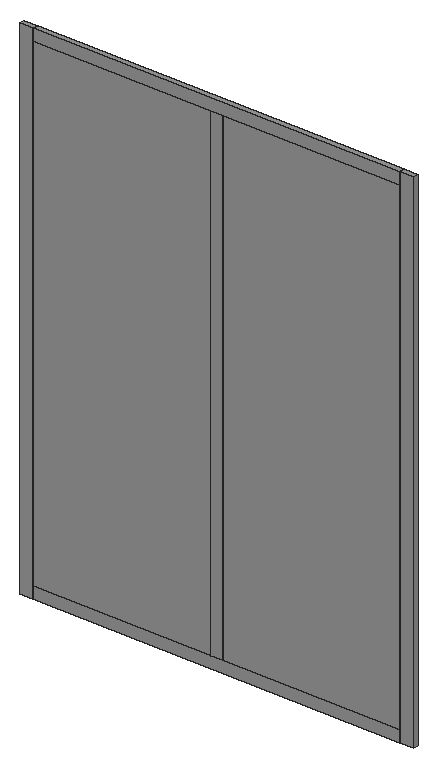
Revit family "MAMPARA IRIS 1500X1950", category Plumbing Fixtures, Revit 2019
Family settings
  Round Connector Dimension = Use Diameter
  Part Type = Normal
  OmniClass Number = 23.45.00.00
  OmniClass Title = Sanitary, Laundry, and Cleaning Equipment
  Work Plane-Based = No
  Always vertical = Yes
  Cut with Voids When Loaded = No
  Shared = No
  Room Calculation Point = No
Reference planes
  plane 1 "Center (Front/Back)": y = 0
  plane 2: z = 0
  plane 3 "Center (Left/Right)": x = 0
Forms (mm)
  Extrusion 1, solid
    sketch origin (0, 0, 0) x (1, 0, 0) y (0, 0, 1)
      loop
        line (-100, 0) -> (-49.192, 0) -> (-49.192, 1950) -> (-100, 1950) -> (-100, 0)
      loop
        line (1400, 1950) -> (1346.15, 1950) -> (1346.15, 0) -> (1400, 0) -> (1400, 1950)
    from 0 to 20.008
  Extrusion 2, solid
    sketch origin (0, 0, 0) x (1, 0, 0) y (0, 0, 1)
      loop
        line (-49.192, 1950) -> (-49.192, 1905) -> (1346.15, 1905) -> (1346.15, 1950) -> (-49.192, 1950)
      loop
        line (-49.192, 0) -> (1346.15, 0) -> (1346.15, 45) -> (-49.192, 45) -> (-49.192, 0)
    from 0 to 20.008
  Extrusion 3, solid
    sketch origin (0, 0, 0) x (1, 0, 0) y (0, 1, 0)
      loop
        line (-49.192, 0) -> (-49.192, -20.008) -> (1346.15, -20.008) -> (1346.15, 0) -> (-49.192, 0)
    from 45 to 1905
  Extrusion 4, solid
    sketch origin (0, 0, 0) x (1, 0, 0) y (0, 1, 0)
      loop
        line (627.5, 0) -> (627.5, -20.008) -> (672.5, -20.008) -> (672.5, 0) -> (627.5, 0)
    from 45 to 1905
Dimensions and locks
  aligned and locked: level to plane 2
